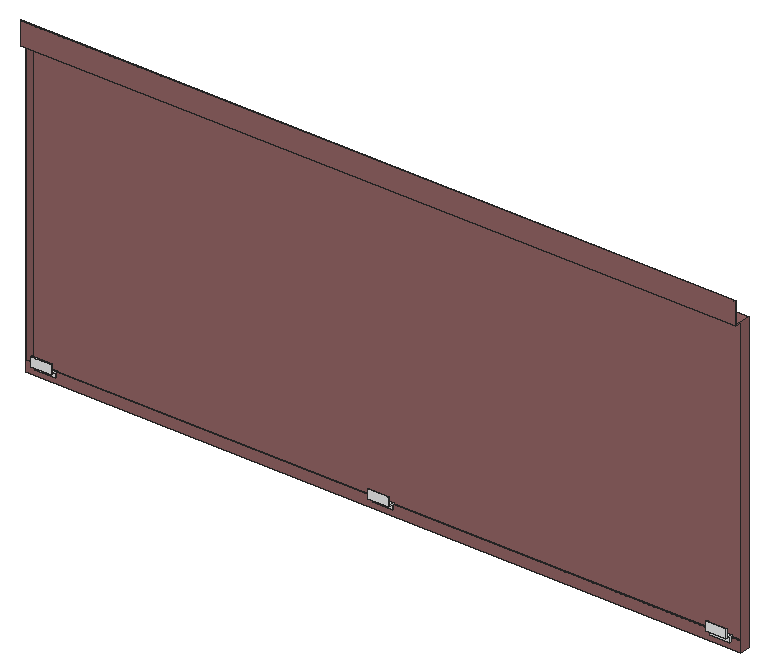
Revit family "Wall-Panel_Metal-Rainscreen", category Curtain Panels, Revit 2026
Family settings
  Classification Number = 23.35.06.21.10
  Always vertical = Yes
  Cut with Voids When Loaded = No
  Shared = No
Parameters (values of type "ByType")
  Warranty Duration (Years) = 10
  Tongue Length = 0' - 2 17/128"
  Test Data = ""
  Specification = "http://www.arcat.com/divs/sec/sec07410.shtml"
  Sales Information = ""
  Recyclable = ""
  Product Properties = "http://www.arcat.com/bim/bim_info.pl?fn=Wall-Panel_Metal-Rainscreen"
  Product Data = "http://www.arcat.com/divs/sec/sec07410.shtml"
  Panel Thickness = 0' - 1"
  Offset = 0' - 0 49/128"
  Model = "\"Generic\""
  Manufacturer Website = "http://www.arcat.com/"
  Manufacturer Phone - Toll Free = ""
  Manufacturer Phone = "(203) 929-9444"  # constant formula
  Manufacturer Fax = "(203) 929-2444"  # constant formula
  Manufacturer Email = "bim@arcat.com"  # constant formula
  Manufacturer Address = "1077 Bridgeport Ave, Shelton, CT  06484"  # constant formula
  Manufacturer = "\"Generic\""
  Maintenance Schedule (Months) = 24
  Keynote = "07410"
  Installation-Fabrication = ""
  Installation Phase = ""
  Hardware Material = ARCAT - Metal - Aluminum_0.032" - Mill
  Green Building-LEED = "http://www.arcat.com/green/green_building.shtml"
  Expected Lifespan (Years) = 30
  Drawn By = "\"Robert S. Weygant. CSI, CDT, SCIP\""
  Description = "Metal Rainscreen Panel"
  Copyright = "\"2008, ARCAT, Inc.\""
  Construction Details = "http://www.arcat.com/divs/sec/sec07410.shtml"
  Company_ID = 30568
  Clips-Panel = 3
  Clip Offset = 0' - 1"
  Cladding Thickness = 0' - 0 1/16"
  Cladding Material-Finish = ARCAT - Metal - Aluminum_0.032" - Burgundy
  Channel Depth = 0' - 1"
  Building Codes = ""
  Assembly Code = "B20"
Reference planes (in)
  plane 1 "Front": y = 0
  plane 2: z = 27.38281
  plane 3 "Center (Left/Right)": x = 1.85091
  plane 4 "Left": x = -33.24894
  plane 5 "Right": x = 36.95076
  plane 6 "Top": z = 56.82812
  plane 7: y = -1
  plane 8: z = 56.44531
  plane 9: z = 27
  plane 10: y = -1.5625
  plane 11: x = 35.95076
  plane 12: x = -32.24894
Forms (in)
  Extrusion 1, solid, material "ARCAT - Metal - Aluminum_0.032" - Burgundy" <- "Cladding Material-Finish"
    sketch origin (36.95076, 0, 0) x (0, -1, 0) y (0, 0, 1)
      loop
        line (1.5625, 58.57812) -> (1.5, 58.57812) -> (1.5, 56.44531) -> (0, 56.44531) -> (0, 27.38281) -> (0.9375, 27.38281) -> (0.9375, 28.44531) -> (0.875, 28.44531) -> (0.875, 27.44531) -> (0.0625, 27.44531) -> (0.0625, 56.38281) -> (1.5625, 56.38281) -> (1.5625, 58.57812)
    from 0 to 70.1997
  Extrusion 2, solid, material "ARCAT - Metal - Aluminum_0.032" - Burgundy" <- "Cladding Material-Finish"
    sketch origin (36.95076, 0, 0) x (0, -1, 0) y (0, 0, 1)
      loop
        line (0.875, 56.38281) -> (0.0625, 56.38281) -> (0.0625, 27.44531) -> (0.875, 27.44531) -> (0.875, 56.38281)
    from 0 to 0.0625 <- "Cladding Thickness"
  Extrusion 3, solid, material "ARCAT - Metal - Aluminum_0.032" - Burgundy" <- "Cladding Material-Finish"
    sketch origin (-33.24894, 0, 0) x (0, -1, 0) y (0, 0, 1)
      loop
        line (0.0625, 56.38281) -> (0.0625, 27.44531) -> (0.875, 27.44531) -> (0.875, 56.38281) -> (0.0625, 56.38281)
    from 0 to -0.0625
  Extrusion 4, solid, material "ARCAT - Metal - Aluminum_0.032" - Mill" <- "Hardware Material"
    sketch origin (32.12193, 0, 0) x (0, -1, 0) y (0, 0, 1)
      loop
        line (0.875, 28.44531) -> (0.9375, 28.44531) -> (0.9375, 27.94531) -> (1, 27.94531) -> (1, 28.44531) -> (1.5, 28.44531) -> (1.5, 29.34205) -> (1.4375, 29.34205) -> (1.4375, 28.50781) -> (0.8125, 28.50781) -> (0.8125, 27.94531) -> (0.875, 27.94531) -> (0.875, 28.44531)
    from -1.82883 to -3.82883
  Extrusion 5, solid, material "ARCAT - Metal - Aluminum_0.032" - Mill" <- "Hardware Material"
    sketch origin (-34.07777, 0, 0) x (0, -1, 0) y (0, 0, 1)
      loop
        line (0.875, 28.44531) -> (0.9375, 28.44531) -> (0.9375, 27.94531) -> (1, 27.94531) -> (1, 28.44531) -> (1.5, 28.44531) -> (1.5, 29.34205) -> (1.4375, 29.34205) -> (1.4375, 28.50781) -> (0.8125, 28.50781) -> (0.8125, 27.94531) -> (0.875, 27.94531) -> (0.875, 28.44531)
    from -1.82883 to -3.82883
  Extrusion 6, solid, material "ARCAT - Metal - Aluminum_0.032" - Mill" <- "Hardware Material"
    sketch origin (-0.97792, 0, 0) x (0, -1, 0) y (0, 0, 1)
      loop
        line (0.875, 28.44531) -> (0.9375, 28.44531) -> (0.9375, 27.94531) -> (1, 27.94531) -> (1, 28.44531) -> (1.5, 28.44531) -> (1.5, 29.34205) -> (1.4375, 29.34205) -> (1.4375, 28.50781) -> (0.8125, 28.50781) -> (0.8125, 27.94531) -> (0.875, 27.94531) -> (0.875, 28.44531)
    from -1.82883 to -3.82883
Cuts and joins
  joined: Extrusion 1, Extrusion 2, Extrusion 3
Text (in)
  text "Exterior" at (-54.29358, 31.38743, 0), in view "A-101 - Plan View"
  text "Exterior" at (480, 41.53993, 89.60405), in view "A-202 - Side Elevation"
  text "Exterior" at (-240, 57.82419, 105.78864), in view "Right"
Dimensions and locks (in)
  equal spacing: plane 4 "Left", plane 3 "Center (Left/Right)", plane 5 "Right"
  "Panel Thickness": plane 7 to plane 1 "Front"
  "Offset": plane 2 to plane 9
  "Offset": plane 6 "Top" to plane 8
  "Cladding Thickness": Extrusion 1 sketch curve to Extrusion 1 sketch curve  (x5)
  "Tongue Length": Extrusion 1 sketch curve to Extrusion 1 sketch curve
  "Channel Depth": Extrusion 1 sketch curve to Extrusion 1 sketch curve
  "Cladding Thickness": Extrusion 3 to Extrusion 3
  "Cladding Thickness": Extrusion 4 sketch curve to Extrusion 4 sketch curve  (x4)
  "Clip Offset": plane 11 to plane 5 "Right"
  "Clip Offset": plane 4 "Left" to plane 12
  "Cladding Thickness": Extrusion 5 sketch curve to Extrusion 5 sketch curve  (x4)
  equal spacing: group 2, group 3, group 1
  equal spacing: group 1, group 3, group 2  (x2)
  "Cladding Thickness": Extrusion 6 sketch curve to Extrusion 6 sketch curve  (x4)
  aligned and locked: plane 2 to Extrusion 1 sketch curve
  aligned and locked: plane 1 "Front" to Extrusion 1 sketch curve
  aligned and locked: Extrusion 1 sketch curve to plane 8
  aligned and locked: plane 4 "Left" to Extrusion 1
  aligned and locked: Extrusion 1 to plane 5 "Right"
  aligned and locked: Extrusion 2 sketch curve to Extrusion 1  (x2)
  aligned and locked: Extrusion 1 to Extrusion 2 sketch curve
  aligned and locked: Extrusion 3 to Extrusion 1
  aligned and locked: Extrusion 1 sketch curve to Extrusion 4
  aligned and locked: Extrusion 2 sketch curve to cut or joined group of Extrusion 1, Extrusion 2, Extrusion 3
  aligned and locked: Extrusion 3 sketch curve to cut or joined group of Extrusion 1, Extrusion 2, Extrusion 3
  aligned and locked: Extrusion 4 to plane 11
  aligned and locked: plane 12 to Extrusion 5
Automatic sketch dimensions
  Extrusion 1 sketch curve to plane 7 = 0' - 0 9/16"
  plane 1 "Front" to Extrusion 3 sketch curve = 0' - 0 1/16"
  plane 2 to Extrusion 3 sketch curve = 0' - 0 1/16"
  Extrusion 3 sketch curve to plane 8 = 0' - 0 1/16"
  Extrusion 4 sketch curve to Extrusion 4 sketch curve = 0' - 0 1/16"
  Extrusion 4 sketch curve to Extrusion 4 sketch curve = 0' - 0"  (x2)
  Extrusion 4 sketch curve to Extrusion 4 sketch curve = 0' - 0 1/2"
  Extrusion 4 sketch curve to Extrusion 4 sketch curve = 0' - 0.83423"
  Extrusion 4 sketch curve to Extrusion 4 sketch curve = 0' - 0 7/16"
  Extrusion 5 sketch curve to Extrusion 5 sketch curve = 0' - 0 1/16"
  Extrusion 5 sketch curve to Extrusion 5 sketch curve = 0' - 0"  (x2)
  Extrusion 5 sketch curve to Extrusion 5 sketch curve = 0' - 0 1/2"
  Extrusion 5 sketch curve to Extrusion 5 sketch curve = 0' - 0.83423"
  Extrusion 5 sketch curve to Extrusion 5 sketch curve = 0' - 0 7/16"
  Extrusion 6 sketch curve to Extrusion 6 sketch curve = 0' - 0 1/16"
  Extrusion 6 sketch curve to Extrusion 6 sketch curve = 0' - 0"  (x2)
  Extrusion 6 sketch curve to Extrusion 6 sketch curve = 0' - 0 1/2"
  Extrusion 6 sketch curve to Extrusion 6 sketch curve = 0' - 0.83423"
  Extrusion 6 sketch curve to Extrusion 6 sketch curve = 0' - 0 7/16"
